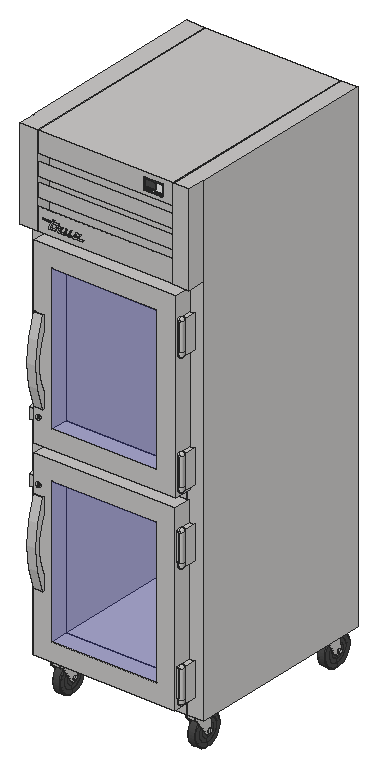
Revit family "QF_TRUE_STG1H-2HG", category Specialty Equipment, Revit 2012
Parameters
  Weight in Pounds = 0
  Watts = 1500 W
  Volts = 208 V
  URL Cutsheet = "www.truemfg.com"
  URL = "www.truemfg.com"
  Type Mark [instance] = ""
  Type Comments = ""
  Status [instance] = ""
  Specification by User [instance] = ""
  Specification by Manufacturer = ""
  Show Seismic Flanged [instance] = no
  Show Logo [instance] = yes
  Show Legs [instance] = no
  Show Clearance [instance] = yes
  Serial Number = ""
  Seismic Rating = ""
  Seismic Plate [instance] = and(Show Seismic Flanged, not(Show Casters))  # no
  SMACNA No = ""
  Revision Code [instance] = ""
  Phase = 1
  Omniclass Number and Title = ""
  Number of Poles [instance] = 1
  NAFEM Spec ID Number = ""
  Model = "STG1H-2HG"
  Min Ckt Ampacity = 0 A
  Max Overcurrent Protection = 0 A
  Masterspec = ""
  Manufacturer = "TRUE FOOD SERVICE EQUIPMENT, INC."
  Length = 27 1/2"
  Legs [instance] = or(Show Legs, Show Seismic Flanged)  # no
  Item Number [instance] = ""
  Installed By [instance] = ""
  Identify Quantity as Lot [instance] = yes
  Height = 77 3/4"
  HP = ""
  Furnished By [instance] = ""
  Foodservice Equipment Identifier [instance] = yes
  FL Amps = Watts / Volts  # 7.21154 A
  Electrical Remarks = "208-230/60/1"
  Electric Connection Type [instance] = ""
  Elec Conn RI Height [instance] = 0"
  Elec Conn Connection Height [instance] = 0"
  Description = "REACH-IN GLASS HALF SWING DOOR HEATED CABINETS WITH LED LIGHTING"
  Depth = 33 3/4"
  Cycle = 60 Hz
  Conn Plug = "6-15P"
  Conn Conduit = yes
  Show Casters [instance] = and(not(if(Show Legs, Show Legs, Show Legs)), not(if(Show Legs, Show Legs, Show Seismic Flanged)))  # yes
  CSI MasterFormat = ""
  CSI Master Format = ""
  Apparent Power = if(Phase = 3, Volts * FL Amps * 1.73, Volts * FL Amps)  # 1500 VA
Reference planes (in)
  plane 1 "BACK": y = 0
  plane 2: z = 0
  plane 3 "LEFT": x = 0
  plane 4 "RIGHT": x = 27.5
  plane 5 "FRONT": y = -33.75
  plane 6 "TOP": z = 84.125
  plane 7: z = 6.125
  plane 8: x = 2.84375
  plane 9: y = -33.7042
  plane 10: y = -56.78125
Forms (in)
  Extrusion 1, solid, material "QF_Finishes_Stainless Steel"
    sketch origin (0.05, 0, 0) x (1, 0, 0) y (0, 1, 0)
      loop
        line (-0.05, 0) -> (-0.05, -31) -> (2.87859, -31) -> (2.87859, 0) -> (-0.05, 0)
    from 6.125 to 84.125
  Extrusion 2, solid, material "QF_Finishes_Stainless Steel"
    sketch origin (50.15, 0, 0) x (1, 0, 0) y (0, 1, 0)
      loop
        line (-25.35, 0) -> (-25.35, -31) -> (-22.65, -31) -> (-22.65, 0) -> (-25.35, 0)
    from 6.125 to 84.125
  Extrusion 3, solid, material "QF_Finishes_Stainless Steel"
    sketch origin (0, 0, 0) x (0, 1, 0) y (0, 0, 1)
      loop
        line (-33.7042, 69.5) -> (-31, 69.5) -> (-31, 67) -> (-30, 67) -> (-30, 69.5) -> (-2, 69.5) -> (-2, 9.03125) -> (-31, 9.03125) -> (-31, 6.125) -> (0, 6.125) -> (0, 84.125) -> (-33.7042, 84.125) -> (-33.7042, 80.78078) -> (-31.5, 79.21352) -> (-31.5, 78.09125) -> (-33.7042, 79.65851) -> (-33.7042, 77.5248) -> (-31.5, 75.95754) -> (-31.5, 74.99678) -> (-33.7042, 76.56404) -> (-33.7042, 74.46784) -> (-31.5, 72.90057) -> (-31.5, 71.625) -> (-33.7042, 73.19226) -> (-33.7042, 69.5)
      loop
        line (-31, 39.0625) -> (-31, 36.5625) -> (-30, 36.5625) -> (-30, 39.0625) -> (-31, 39.0625)
    from 2.92859 to 24.8
  Extrusion 4, solid, material "QF_Finishes_Stainless Steel"
    sketch origin (0, 0, 0) x (1, 0, 0) y (0, 1, 0)
      loop
        line (27.34782, -31) -> (24.8, -31) -> (24.8, -33.75) -> (27.34782, -33.75) -> (27.34782, -31)
    from 69.5 to 84.125
  Extrusion 5, solid, material "QF_Finishes_Stainless Steel"
    sketch origin (-50.125, 0, 0.25) x (1, 0, 0) y (0, 1, 0)
      loop
        line (53.05359, -31) -> (50.24109, -31) -> (50.24109, -33.75) -> (53.05359, -33.75) -> (53.05359, -31)
    from 69.25 to 83.875
  Extrusion 6, solid, material "QF_Finishes_Stainless Steel"
    sketch origin (-24.96875, 0, -0.71875) x (1, 0, 0) y (0, 0, 1)
      loop
        line (27.25, 8.75) -> (50.09375, 8.75) -> (50.09375, 37.96875) -> (27.25, 37.96875) -> (27.25, 8.75)
      loop
        line (27.25, 68.6875) -> (27.25, 39.46875) -> (50.1875, 39.46875) -> (50.1875, 68.6875) -> (27.25, 68.6875)
      loop
        line (30.25, 65.6875) -> (30.25, 42.46875) -> (47.1875, 42.46875) -> (47.1875, 65.6875) -> (30.25, 65.6875)
      loop
        line (47.09375, 11.75) -> (47.09375, 34.96875) -> (30.25, 34.96875) -> (30.25, 11.75) -> (47.09375, 11.75)
    from 31 to 33.75
  Extrusion 7, solid, material "QF_Finishes_Stainless Steel"
    sketch origin (-8.40259, -0.25, 98.07708) x (0, 1, 0) y (0, 0, 1)
      loop
        line (-33.5, -53.875) -> (-33.5, -51.475)
        arc (-33.5, -51.475) -> (-34.65816, -47.075) -> (-33.5, -42.675) r 8.93715
        line (-33.5, -42.675) -> (-33.5, -40.275) -> (-33.7, -40.275)
        arc (-33.7, -40.275) -> (-35.14405, -47.075) -> (-33.7, -53.875) r 16.7325
        line (-33.7, -53.875) -> (-33.5, -53.875)
    from 10.87731 to 12.37731
  Extrusion 8, solid, material "QF_Finishes_Stainless Steel"
    sketch origin (-23.375, 0, 2.625) x (1, 0, 0) y (0, 0, 1)
      loop
        circle (26.4375, 40.0625) r 0.35
      loop
        line (26.47265, 40.33635) -> (26.41715, 40.33635) -> (26.41715, 39.76895) -> (26.47265, 39.76895) -> (26.47265, 40.33635)
    from 33.5 to 33.83066
  Extrusion 9, solid, material "QF_Finishes_Stainless Steel", visible <- "Show Logo"
    sketch origin (0.33478, 1.08173, -6.73143) x (1, 0, 0) y (0, 0, 1)
      loop
        line (3.46044, 78.46231) -> (3.35478, 78.23573) -> (4.76027, 78.23573)
        arc (4.76027, 78.23573) -> (4.78879, 78.18528) -> (4.76027, 78.13484) r 0.05887
        line (4.76027, 78.13484) -> (4.39369, 77.34872)
        arc (4.39369, 77.34872) -> (4.39051, 77.27591) -> (4.43975, 77.22217) r 0.09523
        line (4.43975, 77.22217) -> (5.33844, 77.22217)
        arc (5.33844, 77.22217) -> (5.45192, 77.25795) -> (5.52436, 77.35235) r 0.19785
        line (5.52436, 77.35235) -> (5.81285, 77.97101) -> (6.0779, 77.97101)
        arc (6.0779, 77.97101) -> (6.14744, 77.94543) -> (6.13737, 77.87203) r 0.05911
        line (6.13737, 77.87203) -> (5.89598, 77.35437)
        arc (5.89598, 77.35437) -> (5.89974, 77.2684) -> (5.97231, 77.22217) r 0.09318
        line (5.97231, 77.22217) -> (6.76198, 77.22217)
        arc (6.76198, 77.22217) -> (6.82249, 77.24419) -> (6.85468, 77.29995) r 0.09412
        arc (6.85468, 77.29995) -> (6.87746, 77.24495) -> (6.93246, 77.22217) r 0.07778
        line (6.93246, 77.22217) -> (7.43246, 77.22217)
        arc (7.43246, 77.22217) -> (7.49022, 77.23765) -> (7.53251, 77.27993) r 0.11552
        arc (7.53251, 77.27993) -> (7.55275, 77.23106) -> (7.60162, 77.21081) r 0.06912
        line (7.60162, 77.21081) -> (8.31225, 77.21081)
        arc (8.31225, 77.21081) -> (8.37034, 77.23488) -> (8.39441, 77.29297) r 0.08216
        arc (8.39441, 77.29297) -> (8.44767, 77.23972) -> (8.52042, 77.22022) r 0.14551
        line (8.52042, 77.22022) -> (9.85158, 77.22022) -> (9.99946, 77.47634) -> (8.65678, 77.47634)
        arc (8.65678, 77.47634) -> (8.61972, 77.50204) -> (8.61834, 77.54711) r 0.05009
        line (8.61834, 77.54711) -> (8.64157, 77.59692)
        arc (8.64157, 77.59692) -> (8.67723, 77.64364) -> (8.73327, 77.66135) r 0.09747
        line (8.73327, 77.66135) -> (9.16485, 77.66135)
        arc (9.16485, 77.66135) -> (9.258, 77.68631) -> (9.32619, 77.7545) r 0.1863
        line (9.32619, 77.7545) -> (9.45119, 77.97101)
        arc (9.45119, 77.97101) -> (9.45119, 78.08657) -> (9.35111, 78.14434) r 0.11556
        line (9.35111, 78.14434) -> (8.89562, 78.14434)
        arc (8.89562, 78.14434) -> (8.7795, 78.12462) -> (8.69849, 78.03912) r 0.18605
        line (8.69849, 78.03912) -> (8.48204, 77.57493)
        arc (8.48204, 77.57493) -> (8.41815, 77.49167) -> (8.31806, 77.46011) r 0.1745
        line (8.31806, 77.46011) -> (7.84559, 77.46011)
        arc (7.84559, 77.46011) -> (7.78903, 77.52184) -> (7.79268, 77.60548) r 0.10939
        line (7.79268, 77.60548) -> (8.04395, 78.14434) -> (7.88403, 78.14434) -> (7.61781, 77.57344)
        arc (7.61781, 77.57344) -> (7.56609, 77.50603) -> (7.48505, 77.48048) r 0.14128
        line (7.48505, 77.48048) -> (7.15925, 77.48048)
        arc (7.15925, 77.48048) -> (7.10419, 77.55223) -> (7.116, 77.64189) r 0.11816
        line (7.116, 77.64189) -> (7.3503, 78.14434) -> (7.18514, 78.14434) -> (6.91546, 77.566)
        arc (6.91546, 77.566) -> (6.85285, 77.50339) -> (6.76733, 77.48048) r 0.17104
        line (6.76733, 77.48048) -> (6.29555, 77.48048)
        arc (6.29555, 77.48048) -> (6.21082, 77.51999) -> (6.20267, 77.61313) r 0.0935
        line (6.20267, 77.61313) -> (6.35774, 77.94569) -> (6.57695, 77.94569)
        arc (6.57695, 77.94569) -> (6.61395, 78.05717) -> (6.69267, 78.14434) r 0.2857
        line (6.69267, 78.14434) -> (5.83605, 78.14434)
        arc (5.83605, 78.14434) -> (5.74086, 78.12324) -> (5.67498, 78.05135) r 0.16212
        line (5.67498, 78.05135) -> (5.44279, 77.55341)
        arc (5.44279, 77.55341) -> (5.3894, 77.50002) -> (5.31647, 77.48048) r 0.14586
        line (5.31647, 77.48048) -> (4.80506, 77.48048)
        arc (4.80506, 77.48048) -> (4.76514, 77.53442) -> (4.77274, 77.60109) r 0.09155
        line (4.77274, 77.60109) -> (5.11018, 78.23573) -> (5.96155, 78.23573) -> (6.06721, 78.46231) -> (5.21584, 78.46231) -> (5.32149, 78.68888) -> (5.01862, 78.68888) -> (4.91297, 78.46231) -> (3.46044, 78.46231)
      loop
        arc (8.83805, 77.93863) -> (8.80119, 77.92875) -> (8.7742, 77.90176) r 0.07373
        line (8.7742, 77.90176) -> (8.75229, 77.83436)
        arc (8.75229, 77.83436) -> (8.76245, 77.80983) -> (8.78699, 77.79966) r 0.0347
        line (8.78699, 77.79966) -> (9.15948, 77.79966)
        arc (9.15948, 77.79966) -> (9.18632, 77.80561) -> (9.20812, 77.82234) r 0.0635
        line (9.20812, 77.82234) -> (9.22624, 77.90622)
        arc (9.22624, 77.90622) -> (9.22091, 77.92868) -> (9.20009, 77.93863) r 0.02676
        line (9.20009, 77.93863) -> (8.83805, 77.93863)
    from 34.76797 to 34.83173
  Extrusion 10, solid, material "QF_Finishes_White"
    sketch origin (-23.16691, 1.06376, 1.58022) x (1, 0, 0) y (0, 0, 1)
      loop
        line (43.31732, 81.73227) -> (43.31732, 79.98496) -> (46.22357, 79.98496) -> (46.22357, 81.73227) -> (43.31732, 81.73227)
    from 34.75 to 34.76797
  Extrusion 11, solid, material "QF_Finishes_Black"
    sketch origin (-23.16691, 1.06376, 1.58022) x (1, 0, 0) y (0, 0, 1)
      loop
        line (46.28607, 81.79477) -> (43.25482, 81.79477) -> (43.25482, 79.92246) -> (46.28607, 79.92246) -> (46.28607, 81.79477)
      loop
        spline (43.45482, 80.25372) -> (43.46333, 80.23754) -> (43.48831, 80.22247) -> (43.52804, 80.20952) -> (43.57982, 80.19959) -> (43.64011, 80.19335) -> (43.70482, 80.19122) -> (43.76952, 80.19335) -> (43.82982, 80.19959) -> (43.88159, 80.20952) -> (43.92132, 80.22247) -> (43.9463, 80.23754) -> (43.95482, 80.25372)
        spline (43.95482, 80.25372) -> (43.9463, 80.26989) -> (43.92132, 80.28497) -> (43.88159, 80.29791) -> (43.82982, 80.30784) -> (43.76952, 80.31409) -> (43.70482, 80.31622) -> (43.64011, 80.31409) -> (43.57982, 80.30784) -> (43.52804, 80.29791) -> (43.48831, 80.28497) -> (43.46333, 80.26989) -> (43.45482, 80.25372)
      loop
        spline (44.15083, 80.25372) -> (44.15935, 80.23754) -> (44.18432, 80.22247) -> (44.22405, 80.20952) -> (44.27583, 80.19959) -> (44.33612, 80.19335) -> (44.40083, 80.19122) -> (44.46553, 80.19335) -> (44.52583, 80.19959) -> (44.57761, 80.20952) -> (44.61734, 80.22247) -> (44.64231, 80.23754) -> (44.65083, 80.25372)
        spline (44.65083, 80.25372) -> (44.64231, 80.26989) -> (44.61734, 80.28497) -> (44.57761, 80.29791) -> (44.52583, 80.30784) -> (44.46553, 80.31409) -> (44.40083, 80.31622) -> (44.33612, 80.31409) -> (44.27583, 80.30784) -> (44.22405, 80.29791) -> (44.18432, 80.28497) -> (44.15935, 80.26989) -> (44.15083, 80.25372)
      loop
        spline (44.90083, 80.25372) -> (44.90935, 80.23754) -> (44.93432, 80.22247) -> (44.97405, 80.20952) -> (45.02583, 80.19959) -> (45.08612, 80.19335) -> (45.15083, 80.19122) -> (45.21553, 80.19335) -> (45.27583, 80.19959) -> (45.32761, 80.20952) -> (45.36734, 80.22247) -> (45.39231, 80.23754) -> (45.40083, 80.25372)
        spline (45.40083, 80.25372) -> (45.39231, 80.26989) -> (45.36734, 80.28497) -> (45.32761, 80.29791) -> (45.27583, 80.30784) -> (45.21553, 80.31409) -> (45.15083, 80.31622) -> (45.08612, 80.31409) -> (45.02583, 80.30784) -> (44.97405, 80.29791) -> (44.93432, 80.28497) -> (44.90935, 80.26989) -> (44.90083, 80.25372)
      loop
        line (43.45481, 81.59478) -> (43.45481, 80.59478) -> (45.15433, 80.59478) -> (45.15433, 81.59478) -> (43.45481, 81.59478)
      loop
        line (46.22357, 81.73227) -> (43.31732, 81.73227) -> (43.31732, 79.98496) -> (46.22357, 79.98496) -> (46.22357, 81.73227)
      loop
        spline (45.65083, 80.25372) -> (45.65935, 80.23754) -> (45.68432, 80.22247) -> (45.72405, 80.20952) -> (45.77583, 80.19959) -> (45.83612, 80.19335) -> (45.90083, 80.19122) -> (45.96553, 80.19335) -> (46.02583, 80.19959) -> (46.07761, 80.20952) -> (46.11734, 80.22247) -> (46.14231, 80.23754) -> (46.15083, 80.25372)
        spline (46.15083, 80.25372) -> (46.14231, 80.26989) -> (46.11734, 80.28497) -> (46.07761, 80.29791) -> (46.02583, 80.30784) -> (45.96553, 80.31409) -> (45.90083, 80.31622) -> (45.83612, 80.31409) -> (45.77583, 80.30784) -> (45.72405, 80.29791) -> (45.68432, 80.28497) -> (45.65935, 80.26989) -> (45.65083, 80.25372)
    from 34.76797 to 34.80335
  Extrusion 12, solid, material "QF_Finishes_Stainless Steel"
    sketch origin (-25.125, 0, 0) x (1, 0, 0) y (0, 0, 1)
      loop
        circle (49.375, 82) r 0.25
    from 0 to 0.0625
  Blend 13, solid, material "QF_Finishes_Stainless Steel"
    base sketch origin (27.53125, 0, 4.5) x (-1, 0, 0) y (0, 0, -1)
      loop
        line (25.25, -38.99169) -> (26, -38.99169) -> (26, -37.24169) -> (25.25, -37.24169) -> (25.25, -38.99169)
    top sketch origin (27.53125, 0, 4.5) x (-1, 0, 0) y (0, 0, -1)
      loop
        line (26.18223, -36.6441) -> (25.25, -36.6441) -> (25.25, -39.42643) -> (26.18223, -39.42643) -> (26.18223, -36.6441)
    from 33.57883 to 31
  Extrusion 14, solid, material "QF_Finishes_Stainless Steel"
    sketch origin (26.1875, 0, 0) x (0, 1, 0) y (0, 0, -1)
      loop
        line (-31, -64.55229) -> (-31, -59.23627) -> (-33.25, -59.23627) -> (-33.25, -59.94848) -> (-32.81497, -59.94848) -> (-32.81497, -64.34776)
        arc (-32.81497, -64.34776) -> (-32.75506, -64.49238) -> (-32.61044, -64.55229) r 0.20453
        line (-32.61044, -64.55229) -> (-31, -64.55229)
    from 0.17506 to 1
  Revolve 15, solid, material "QF_Finishes_Stainless Steel"
    sketch origin (25.6875, 0, 0) x (0, 1, 0) y (0, 0, -1)
      loop
        line (-33.26563, -60.00189) -> (-33.67229, -60.00189) -> (-33.67229, -64.4736)
        arc (-33.67229, -64.4736) -> (-33.53722, -64.72557) -> (-33.26563, -64.81483) r 0.3848
        line (-33.26563, -64.81483) -> (-33.26563, -60.00189)
      loop
        line (-33.26563, -59.94848) -> (-33.26563, -59.04781)
        arc (-33.26563, -59.04781) -> (-33.53264, -59.13383) -> (-33.67229, -59.37712) r 0.38884
        line (-33.67229, -59.37712) -> (-33.67229, -59.94848) -> (-33.26563, -59.94848)
      axis (-33.26563, -59.04781) -> (-33.26563, -64.81483)
    angle from 0 to 360
  Extrusion 16, solid, material "QF_Finishes_Stainless Steel"
    sketch origin (27.5, 0, 0) x (-1, 0, 0) y (0, 0, -1)
      loop
        line (1.91491, -64.4736) -> (2.3125, -64.4736) -> (2.3125, -60.00079) -> (1.91491, -60.00079) -> (1.91491, -64.4736)
    from 32.81497 to 33.59495
  Extrusion 17, solid, material "QF_Finishes_Stainless Steel"
    sketch origin (26.1875, 0, -19.5) x (0, 1, 0) y (0, 0, -1)
      loop
        line (-31, -64.55229) -> (-31, -59.23627) -> (-33.25, -59.23627) -> (-33.25, -59.94848) -> (-32.81497, -59.94848) -> (-32.81497, -64.34776)
        arc (-32.81497, -64.34776) -> (-32.75506, -64.49238) -> (-32.61044, -64.55229) r 0.20453
        line (-32.61044, -64.55229) -> (-31, -64.55229)
    from 0.17506 to 1
  Revolve 18, solid, material "QF_Finishes_Stainless Steel"
    sketch origin (25.6875, 0, -19.5) x (0, 1, 0) y (0, 0, -1)
      loop
        line (-33.26563, -60.00189) -> (-33.67229, -60.00189) -> (-33.67229, -64.4736)
        arc (-33.67229, -64.4736) -> (-33.53722, -64.72557) -> (-33.26563, -64.81483) r 0.3848
        line (-33.26563, -64.81483) -> (-33.26563, -60.00189)
      loop
        line (-33.26563, -59.94848) -> (-33.26563, -59.04781)
        arc (-33.26563, -59.04781) -> (-33.53264, -59.13383) -> (-33.67229, -59.37712) r 0.38884
        line (-33.67229, -59.37712) -> (-33.67229, -59.94848) -> (-33.26563, -59.94848)
      axis (-33.26563, -59.04781) -> (-33.26563, -64.81483)
    angle from 0 to 360
  Extrusion 19, solid, material "QF_Finishes_Stainless Steel"
    sketch origin (27.5, 0, -19.5) x (-1, 0, 0) y (0, 0, -1)
      loop
        line (1.91491, -64.4736) -> (2.3125, -64.4736) -> (2.3125, -60.00079) -> (1.91491, -60.00079) -> (1.91491, -64.4736)
    from 32.81497 to 33.59495
  Extrusion 20, solid, material "QF_Finishes_Stainless Steel"
    sketch origin (26.1875, 0, -30.5) x (0, 1, 0) y (0, 0, -1)
      loop
        line (-31, -64.55229) -> (-31, -59.23627) -> (-33.25, -59.23627) -> (-33.25, -59.94848) -> (-32.81497, -59.94848) -> (-32.81497, -64.34776)
        arc (-32.81497, -64.34776) -> (-32.75506, -64.49238) -> (-32.61044, -64.55229) r 0.20453
        line (-32.61044, -64.55229) -> (-31, -64.55229)
    from 0.17506 to 1
  Revolve 21, solid, material "QF_Finishes_Stainless Steel"
    sketch origin (25.6875, 0, -30.5) x (0, 1, 0) y (0, 0, -1)
      loop
        line (-33.26563, -60.00189) -> (-33.67229, -60.00189) -> (-33.67229, -64.4736)
        arc (-33.67229, -64.4736) -> (-33.53722, -64.72557) -> (-33.26563, -64.81483) r 0.3848
        line (-33.26563, -64.81483) -> (-33.26563, -60.00189)
      loop
        line (-33.26563, -59.94848) -> (-33.26563, -59.04781)
        arc (-33.26563, -59.04781) -> (-33.53264, -59.13383) -> (-33.67229, -59.37712) r 0.38884
        line (-33.67229, -59.37712) -> (-33.67229, -59.94848) -> (-33.26563, -59.94848)
      axis (-33.26563, -59.04781) -> (-33.26563, -64.81483)
    angle from 0 to 360
  Extrusion 22, solid, material "QF_Finishes_Stainless Steel"
    sketch origin (27.5, 0, -30.5) x (-1, 0, 0) y (0, 0, -1)
      loop
        line (1.91491, -64.4736) -> (2.3125, -64.4736) -> (2.3125, -60.00079) -> (1.91491, -60.00079) -> (1.91491, -64.4736)
    from 32.81497 to 33.59495
  Extrusion 23, solid, material "QF_Finishes_Stainless Steel"
    sketch origin (26.1875, 0, -50.25) x (0, 1, 0) y (0, 0, -1)
      loop
        line (-31, -64.55229) -> (-31, -59.23627) -> (-33.25, -59.23627) -> (-33.25, -59.94848) -> (-32.81497, -59.94848) -> (-32.81497, -64.34776)
        arc (-32.81497, -64.34776) -> (-32.75506, -64.49238) -> (-32.61044, -64.55229) r 0.20453
        line (-32.61044, -64.55229) -> (-31, -64.55229)
    from 0.17506 to 1
  Revolve 24, solid, material "QF_Finishes_Stainless Steel"
    sketch origin (25.6875, 0, -50.25) x (0, 1, 0) y (0, 0, -1)
      loop
        line (-33.26563, -60.00189) -> (-33.67229, -60.00189) -> (-33.67229, -64.4736)
        arc (-33.67229, -64.4736) -> (-33.53722, -64.72557) -> (-33.26563, -64.81483) r 0.3848
        line (-33.26563, -64.81483) -> (-33.26563, -60.00189)
      loop
        line (-33.26563, -59.94848) -> (-33.26563, -59.04781)
        arc (-33.26563, -59.04781) -> (-33.53264, -59.13383) -> (-33.67229, -59.37712) r 0.38884
        line (-33.67229, -59.37712) -> (-33.67229, -59.94848) -> (-33.26563, -59.94848)
      axis (-33.26563, -59.04781) -> (-33.26563, -64.81483)
    angle from 0 to 360
  Extrusion 25, solid, material "QF_Finishes_Stainless Steel"
    sketch origin (27.5, 0, -50.25) x (-1, 0, 0) y (0, 0, -1)
      loop
        line (1.91491, -64.4736) -> (2.3125, -64.4736) -> (2.3125, -60.00079) -> (1.91491, -60.00079) -> (1.91491, -64.4736)
    from 32.81497 to 33.59495
  Revolve 26, solid, material "QF_Finishes_Black", visible <- "Show Casters"
    sketch origin (22.65625, -27.375, 0) x (1, 0, 0) y (0, 0, 1)
      loop
        line (1.475, 5) -> (1.375, 4.9) -> (1.375, 4.29941) -> (1.53601, 4.29941) -> (1.53601, 3.54941) -> (1.375, 3.54941) -> (1.375, 2.79941) -> (0.975, 2.79941) -> (0.975, 2.5) -> (3.025, 2.5) -> (3.025, 2.79941) -> (2.62908, 2.79941) -> (2.62908, 3.54941) -> (2.46399, 3.54941) -> (2.46399, 4.29941) -> (2.62908, 4.29941) -> (2.62908, 4.89592) -> (2.525, 5) -> (1.475, 5)
      axis (3.025, 2.5) -> (0.975, 2.5)
    angle from 0 to 360
  Extrusion 27, solid, material "QF_Finishes_Stainless Steel", visible <- "Show Casters"
    sketch origin (22.5625, 0, 0) x (0, 1, 0) y (0, 0, 1)
      loop
        line (-29.95136, 5.48574) -> (-29.95136, 4.88089) -> (-29.70136, 4.88089) -> (-27.95216, 2.18736)
        arc (-27.95216, 2.18736) -> (-27.23883, 1.94868) -> (-26.84581, 2.59003) r 0.60416
        line (-26.84581, 2.59003) -> (-27.20136, 5.48574) -> (-29.95136, 5.48574)
      loop
        line (-3.8577, 5.48574) -> (-3.8577, 4.88089) -> (-3.6077, 4.88089) -> (-1.8585, 2.18736)
        arc (-1.8585, 2.18736) -> (-1.14517, 1.94868) -> (-0.75215, 2.59003) r 0.60416
        line (-0.75215, 2.59003) -> (-1.1077, 5.48574) -> (-3.8577, 5.48574)
    from 1.175 to 1.325
  Extrusion 28, solid, material "QF_Finishes_Stainless Steel", visible <- "Show Casters"
    sketch origin (24.0625, 0, 0) x (0, 1, 0) y (0, 0, 1)
      loop
        line (-29.95136, 5.48574) -> (-29.95136, 4.88089) -> (-29.70136, 4.88089) -> (-27.95216, 2.18736)
        arc (-27.95216, 2.18736) -> (-27.23883, 1.94868) -> (-26.84581, 2.59003) r 0.60416
        line (-26.84581, 2.59003) -> (-27.20136, 5.48574) -> (-29.95136, 5.48574)
      loop
        line (-3.8577, 5.48574) -> (-3.8577, 4.88089) -> (-3.6077, 4.88089) -> (-1.8585, 2.18736)
        arc (-1.8585, 2.18736) -> (-1.14517, 1.94868) -> (-0.75215, 2.59003) r 0.60416
        line (-0.75215, 2.59003) -> (-1.1077, 5.48574) -> (-3.8577, 5.48574)
    from 1.175 to 1.325
  Revolve 29, solid, material "QF_Finishes_Stainless Steel", visible <- "Show Casters"
    sketch origin (22.65625, -28.5625, -0.5) x (1, 0, 0) y (0, 0, 1)
      loop
        line (2, 5.99546) -> (2, 6.62359) -> (0.70293, 6.62359) -> (0.70293, 5.99546) -> (2, 5.99546)
      axis (2, 5.99546) -> (2, 6.62359)
    angle from 0 to 360
  Revolve 30, solid, material "QF_Finishes_Stainless Steel", visible <- "Legs"
    sketch origin (22.65625, -2.69102, 0) x (1, 0, 0) y (0, 0, 1)
      loop
        line (2, 6.125) -> (0.66662, 6.125) -> (1.25, 1) -> (1.5, 1) -> (1.5, 0) -> (2, 0) -> (2, 6.125)
      axis (2, 0) -> (2, 6.125)
    angle from 0 to 360
  Revolve 31, solid, material "QF_Finishes_Stainless Steel", visible <- "Legs"
    sketch origin (22.65625, -28.65977, 0) x (1, 0, 0) y (0, 0, 1)
      loop
        line (2, 6.125) -> (0.66662, 6.125) -> (1.25, 1) -> (1.5, 1) -> (1.5, 0) -> (2, 0) -> (2, 6.125)
      axis (2, 0) -> (2, 6.125)
    angle from 0 to 360
  Revolve 32, solid, material "QF_Finishes_Stainless Steel", visible <- "Show Casters"
    sketch origin (22.65625, -2.70321, -0.5) x (1, 0, 0) y (0, 0, 1)
      loop
        line (2, 5.99546) -> (2, 6.62359) -> (0.70293, 6.62359) -> (0.70293, 5.99546) -> (2, 5.99546)
      axis (2, 5.99546) -> (2, 6.62359)
    angle from 0 to 360
  Extrusion 33, solid, material "QF_Finishes_Stainless Steel", visible <- "Show Casters"
    sketch origin (-25.21875, 0, 0) x (0, 1, 0) y (0, 0, 1)
      loop
        line (-29.95136, 5.48574) -> (-29.95136, 4.88089) -> (-29.70136, 4.88089) -> (-27.16533, 5.19227) -> (-27.20136, 5.48574) -> (-29.95136, 5.48574)
      loop
        line (-3.8577, 5.48574) -> (-3.8577, 4.88089) -> (-3.6077, 4.88089) -> (-1.07167, 5.19227) -> (-1.1077, 5.48574) -> (-3.8577, 5.48574)
    from 49.10625 to 50.45625
  Revolve 34, solid, material "QF_Finishes_Black", visible <- "Show Casters"
    sketch origin (22.65625, -1.21875, 0) x (1, 0, 0) y (0, 0, 1)
      loop
        line (1.475, 5) -> (1.375, 4.9) -> (1.375, 4.29941) -> (1.53601, 4.29941) -> (1.53601, 3.54941) -> (1.375, 3.54941) -> (1.375, 2.79941) -> (0.975, 2.79941) -> (0.975, 2.5) -> (3.025, 2.5) -> (3.025, 2.79941) -> (2.62908, 2.79941) -> (2.62908, 3.54941) -> (2.46399, 3.54941) -> (2.46399, 4.29941) -> (2.62908, 4.29941) -> (2.62908, 4.89592) -> (2.525, 5) -> (1.475, 5)
      axis (3.025, 2.5) -> (0.975, 2.5)
    angle from 0 to 360
  Revolve 35, solid, material "QF_Finishes_Black", visible <- "Show Casters"
    sketch origin (0.84375, -27.375, 0) x (1, 0, 0) y (0, 0, 1)
      loop
        line (1.475, 5) -> (1.375, 4.9) -> (1.375, 4.29941) -> (1.53601, 4.29941) -> (1.53601, 3.54941) -> (1.375, 3.54941) -> (1.375, 2.79941) -> (0.975, 2.79941) -> (0.975, 2.5) -> (3.025, 2.5) -> (3.025, 2.79941) -> (2.62908, 2.79941) -> (2.62908, 3.54941) -> (2.46399, 3.54941) -> (2.46399, 4.29941) -> (2.62908, 4.29941) -> (2.62908, 4.89592) -> (2.525, 5) -> (1.475, 5)
      axis (3.025, 2.5) -> (0.975, 2.5)
    angle from 0 to 360
  Extrusion 36, solid, material "QF_Finishes_Stainless Steel", visible <- "Show Casters"
    sketch origin (0.84375, 0, 0) x (0, 1, 0) y (0, 0, 1)
      loop
        line (-29.95136, 5.48574) -> (-29.95136, 4.88089) -> (-29.70136, 4.88089) -> (-27.95216, 2.18736)
        arc (-27.95216, 2.18736) -> (-27.23883, 1.94868) -> (-26.84581, 2.59003) r 0.60416
        line (-26.84581, 2.59003) -> (-27.20136, 5.48574) -> (-29.95136, 5.48574)
      loop
        line (-3.8577, 5.48574) -> (-3.8577, 4.88089) -> (-3.6077, 4.88089) -> (-1.8585, 2.18736)
        arc (-1.8585, 2.18736) -> (-1.14517, 1.94868) -> (-0.75215, 2.59003) r 0.60416
        line (-0.75215, 2.59003) -> (-1.1077, 5.48574) -> (-3.8577, 5.48574)
    from 1.175 to 1.325
  Extrusion 37, solid, material "QF_Finishes_Stainless Steel", visible <- "Show Casters"
    sketch origin (2.34375, 0, 0) x (0, 1, 0) y (0, 0, 1)
      loop
        line (-29.95136, 5.48574) -> (-29.95136, 4.88089) -> (-29.70136, 4.88089) -> (-27.95216, 2.18736)
        arc (-27.95216, 2.18736) -> (-27.23883, 1.94868) -> (-26.84581, 2.59003) r 0.60416
        line (-26.84581, 2.59003) -> (-27.20136, 5.48574) -> (-29.95136, 5.48574)
      loop
        line (-3.8577, 5.48574) -> (-3.8577, 4.88089) -> (-3.6077, 4.88089) -> (-1.8585, 2.18736)
        arc (-1.8585, 2.18736) -> (-1.14517, 1.94868) -> (-0.75215, 2.59003) r 0.60416
        line (-0.75215, 2.59003) -> (-1.1077, 5.48574) -> (-3.8577, 5.48574)
    from 1.175 to 1.325
  Revolve 38, solid, material "QF_Finishes_Stainless Steel", visible <- "Show Casters"
    sketch origin (0.84375, -28.5625, -0.5) x (1, 0, 0) y (0, 0, 1)
      loop
        line (2, 5.99546) -> (2, 6.62359) -> (0.70293, 6.62359) -> (0.70293, 5.99546) -> (2, 5.99546)
      axis (2, 5.99546) -> (2, 6.62359)
    angle from 0 to 360
  Revolve 39, solid, material "QF_Finishes_Stainless Steel", visible <- "Legs"
    sketch origin (0.84375, -2.69102, 0) x (1, 0, 0) y (0, 0, 1)
      loop
        line (2, 6.125) -> (0.66662, 6.125) -> (1.25, 1) -> (1.5, 1) -> (1.5, 0) -> (2, 0) -> (2, 6.125)
      axis (2, 0) -> (2, 6.125)
    angle from 0 to 360
  Revolve 40, solid, material "QF_Finishes_Stainless Steel", visible <- "Legs"
    sketch origin (0.84375, -28.65977, 0) x (1, 0, 0) y (0, 0, 1)
      loop
        line (2, 6.125) -> (0.66662, 6.125) -> (1.25, 1) -> (1.5, 1) -> (1.5, 0) -> (2, 0) -> (2, 6.125)
      axis (2, 0) -> (2, 6.125)
    angle from 0 to 360
  Revolve 41, solid, material "QF_Finishes_Stainless Steel", visible <- "Show Casters"
    sketch origin (0.84375, -2.70321, -0.5) x (1, 0, 0) y (0, 0, 1)
      loop
        line (2, 5.99546) -> (2, 6.62359) -> (0.70293, 6.62359) -> (0.70293, 5.99546) -> (2, 5.99546)
      axis (2, 5.99546) -> (2, 6.62359)
    angle from 0 to 360
  Extrusion 42, solid, material "QF_Finishes_Stainless Steel", visible <- "Show Casters"
    sketch origin (-46.9375, 0, 0) x (0, 1, 0) y (0, 0, 1)
      loop
        line (-29.95136, 5.48574) -> (-29.95136, 4.88089) -> (-29.70136, 4.88089) -> (-27.16533, 5.19227) -> (-27.20136, 5.48574) -> (-29.95136, 5.48574)
      loop
        line (-3.8577, 5.48574) -> (-3.8577, 4.88089) -> (-3.6077, 4.88089) -> (-1.07167, 5.19227) -> (-1.1077, 5.48574) -> (-3.8577, 5.48574)
    from 49.10625 to 50.45625
  Revolve 43, solid, material "QF_Finishes_Black", visible <- "Show Casters"
    sketch origin (0.84375, -1.21875, 0) x (1, 0, 0) y (0, 0, 1)
      loop
        line (1.475, 5) -> (1.375, 4.9) -> (1.375, 4.29941) -> (1.53601, 4.29941) -> (1.53601, 3.54941) -> (1.375, 3.54941) -> (1.375, 2.79941) -> (0.975, 2.79941) -> (0.975, 2.5) -> (3.025, 2.5) -> (3.025, 2.79941) -> (2.62908, 2.79941) -> (2.62908, 3.54941) -> (2.46399, 3.54941) -> (2.46399, 4.29941) -> (2.62908, 4.29941) -> (2.62908, 4.89592) -> (2.525, 5) -> (1.475, 5)
      axis (3.025, 2.5) -> (0.975, 2.5)
    angle from 0 to 360
  Extrusion 44, solid, material "QF_Door-Drawer Clearances", visible <- "Show Clearance", detail levels coarse
    sketch origin (26.42841, -3.6723, 0) x (1, 0, 0) y (0, 1, 0)
      loop
        line (-1.17841, -30.1402) -> (-24.14716, -30.1402)
        arc (-24.14716, -30.1402) -> (-17.41977, -46.38156) -> (-1.17841, -53.10895) r 22.96875
        line (-1.17841, -53.10895) -> (-1.17841, -30.1402)
    from 38.75 to 67.96875
  Extrusion 45, solid, material "Glass"
    sketch origin (-24.96875, 0, -0.71875) x (1, 0, 0) y (0, 0, 1)
      loop
        line (30.25, 34.96875) -> (30.25, 11.75) -> (47.1875, 11.75) -> (47.1875, 34.96875) -> (30.25, 34.96875)
      loop
        line (30.25, 65.6875) -> (30.25, 42.46875) -> (47.1875, 42.46875) -> (47.1875, 65.6875) -> (30.25, 65.6875)
    from 31 to 33.75
  Extrusion 46, solid, material "QF_Finishes_Stainless Steel", visible <- "Seismic Plate"
    sketch origin (-0.22541, -26.96562, 0) x (1, 0, 0) y (0, 1, 0)
      loop
        circle (3.06916, -1.69416) r 1.5
    from 0 to 0.25
  Extrusion 47, solid, material "QF_Finishes_Stainless Steel", visible <- "Seismic Plate"
    sketch origin (-0.22541, -0.99687, 0) x (1, 0, 0) y (0, 1, 0)
      loop
        circle (3.06916, -1.69416) r 1.5
    from 0 to 0.25
  Extrusion 48, solid, material "QF_Finishes_Stainless Steel", visible <- "Seismic Plate"
    sketch origin (21.49334, -0.99687, 0) x (1, 0, 0) y (0, 1, 0)
      loop
        circle (3.16291, -1.69416) r 1.5
    from 0 to 0.25
  Extrusion 49, solid, material "QF_Finishes_Stainless Steel", visible <- "Seismic Plate"
    sketch origin (21.49334, -26.96562, 0) x (1, 0, 0) y (0, 1, 0)
      loop
        circle (3.16291, -1.69416) r 1.5
    from 0 to 0.25
  Extrusion 50, solid, material "QF_Door-Drawer Clearances", visible <- "Show Clearance", detail levels coarse
    sketch origin (26.42841, -3.6723, -30.71875) x (1, 0, 0) y (0, 1, 0)
      loop
        line (-1.17841, -30.1402) -> (-24.14716, -30.1402)
        arc (-24.14716, -30.1402) -> (-17.41977, -46.38156) -> (-1.17841, -53.10895) r 22.96875
        line (-1.17841, -53.10895) -> (-1.17841, -30.1402)
    from 38.75 to 67.96875
  Extrusion 51, solid, material "QF_Finishes_Stainless Steel"
    sketch origin (-8.40259, -0.25, -22.45208) x (0, 1, 0) y (0, 0, 1)
      loop
        line (-33.5, 53.875) -> (-33.7, 53.875)
        arc (-33.7, 53.875) -> (-35.14405, 47.075) -> (-33.7, 40.275) r 16.7325
        line (-33.7, 40.275) -> (-33.5, 40.275) -> (-33.5, 42.675)
        arc (-33.5, 42.675) -> (-34.65816, 47.075) -> (-33.5, 51.475) r 8.93715
        line (-33.5, 51.475) -> (-33.5, 53.875)
    from 10.87731 to 12.37731
  Extrusion 52, solid, material "QF_Finishes_Stainless Steel"
    sketch origin (-23.375, 0, 73) x (1, 0, 0) y (0, 0, 1)
      loop
        circle (26.4375, -40.0625) r 0.35
      loop
        line (26.47265, -40.33635) -> (26.47265, -39.76895) -> (26.41715, -39.76895) -> (26.41715, -40.33635) -> (26.47265, -40.33635)
    from 33.5 to 33.83066
  Blend 53, solid, material "QF_Finishes_Stainless Steel"
    base sketch origin (27.53125, 0, 71.125) x (-1, 0, 0) y (0, 0, -1)
      loop
        line (25.25, 38.99169) -> (25.25, 37.24169) -> (26, 37.24169) -> (26, 38.99169) -> (25.25, 38.99169)
    top sketch origin (27.53125, 0, 71.125) x (-1, 0, 0) y (0, 0, -1)
      loop
        line (26.18223, 36.6441) -> (26.18223, 39.42643) -> (25.25, 39.42643) -> (25.25, 36.6441) -> (26.18223, 36.6441)
    from 33.57883 to 31
Cuts and joins
  joined: Extrusion 1, Extrusion 2, Extrusion 4, Extrusion 5
Lines and regions (in)
  symbolic lines
    curve 1: line (0, 0, 0) -> (27.5, 0, 0)
    curve 2: line (0, -33.75, 0) -> (0, 0, 0)
    curve 3: line (27.5, -33.75, 0) -> (0, -33.75, 0)
    curve 4: line (27.5, 0, 0) -> (27.5, -33.75, 0)
    curve 5: line (27.5, -31.5, 0) -> (0, -31.5, 0)
    curve 24: line (3.97472, -35.39405, 0) -> (3.97472, -33.75, 0)
    curve 25: line (2.47472, -35.39405, 0) -> (2.47472, -33.75, 0)
    curve 26: line (2.47472, -33.95, 0) -> (3.97472, -33.95, 0)
    curve 27: line (3.97472, -35.39405, 0) -> (2.47472, -35.39405, 0)
  symbolic lines, style "SpecialityEquipmentHiddenLines", visible <- "Show Casters"
    curve 6: line (3.82597, -24.4208, 0) -> (5.12501, -25.1708, 0)
    curve 7: line (1.20097, -28.96743, 0) -> (3.82597, -24.4208, 0)
    curve 8: line (2.50001, -29.71743, 0) -> (1.20097, -28.96743, 0)
    curve 9: line (5.12501, -25.1708, 0) -> (2.50001, -29.71743, 0)
    curve 10: line (3.82597, -0.4208, 0) -> (5.12501, -1.1708, 0)
    curve 11: line (1.20097, -4.96743, 0) -> (3.82597, -0.4208, 0)
    curve 12: line (2.50001, -5.71743, 0) -> (1.20097, -4.96743, 0)
    curve 13: line (5.12501, -1.1708, 0) -> (2.50001, -5.71743, 0)
    curve 14: line (24.73343, -0.4208, 0) -> (26.03247, -1.1708, 0)
    curve 15: line (22.10843, -4.96743, 0) -> (24.73343, -0.4208, 0)
    curve 16: line (23.40747, -5.71743, 0) -> (22.10843, -4.96743, 0)
    curve 17: line (26.03247, -1.1708, 0) -> (23.40747, -5.71743, 0)
    curve 18: line (24.82718, -24.52487, 0) -> (26.12622, -25.27487, 0)
    curve 19: line (22.20218, -29.07151, 0) -> (24.82718, -24.52487, 0)
    curve 20: line (23.50122, -29.82151, 0) -> (22.20218, -29.07151, 0)
    curve 21: line (26.12622, -25.27487, 0) -> (23.50122, -29.82151, 0)
  symbolic lines, style "QF_Door-Drawer Clearances"
    curve 22: line (25.25, -33.75, 0) -> (5.35848, -45.23438, 0)
    curve 23: arc (5.35848, -45.23438, 0) -> (3.06389, -39.69475, 0) -> (2.28125, -33.75, 0) r 22.96875
Dimensions and locks (in)
  "Depth": plane 5 "FRONT" to plane 1 "BACK"
  plane 7 to level = 6 1/8"
  plane 6 "TOP" to level = 84 1/8"
  plane 6 "TOP" to plane 7 = 78"
  plane 6 "TOP" to cut or joined group of Extrusion 1, Extrusion 2, Extrusion 4, Extrusion 5 = 14 5/8"
  Extrusion 6 sketch curve to Extrusion 6 sketch curve = 22 27/32"
  Extrusion 6 to plane 1 "BACK" = 33 3/4"
  "Length": plane 3 "LEFT" to plane 4 "RIGHT"
  plane 4 "RIGHT" to plane 3 "LEFT" = 27 1/2"
  plane 10 to plane 5 "FRONT" = 23 1/32"
  aligned and locked: level to plane 2
Automatic sketch dimensions
  Extrusion 1 sketch curve to plane 3 "LEFT" = 0"
  plane 1 "BACK" to Extrusion 1 sketch curve = 0"
  plane 8 to Extrusion 1 sketch curve = 0.08484"
  Extrusion 1 sketch curve to plane 5 "FRONT" = 2 3/4"
  plane 1 "BACK" to Extrusion 2 sketch curve = 0"
  Extrusion 2 sketch curve to plane 4 "RIGHT" = 0"
  Extrusion 2 sketch curve to plane 4 "RIGHT" = 2.7"
  Extrusion 2 sketch curve to plane 5 "FRONT" = 2 3/4"
  plane 5 "FRONT" to Extrusion 4 sketch curve = 0"
  Extrusion 4 sketch curve to plane 4 "RIGHT" = 2.7"
  Extrusion 4 sketch curve to plane 4 "RIGHT" = 0.15218"
  Extrusion 4 sketch curve to plane 5 "FRONT" = 2 3/4"
  plane 5 "FRONT" to Extrusion 5 sketch curve = 0"
  plane 3 "LEFT" to Extrusion 5 sketch curve = 0.11609"
  plane 8 to Extrusion 5 sketch curve = 0.08484"
  Extrusion 5 sketch curve to plane 5 "FRONT" = 2 3/4"
  Extrusion 6 sketch curve to plane 8 = 9/16"  (x2)
  plane 8 to Extrusion 6 sketch curve = 2 7/16"  (x2)
  Extrusion 6 sketch curve to Extrusion 6 sketch curve = 3"  (x5)
  Extrusion 6 sketch curve to plane 4 "RIGHT" = 5 9/32"
  Extrusion 6 sketch curve to plane 4 "RIGHT" = 2 9/32"
  plane 7 to Extrusion 6 sketch curve = 1 29/32"
  Extrusion 6 sketch curve to Extrusion 6 sketch curve = 23 7/32"
  Extrusion 6 sketch curve to Extrusion 6 sketch curve = 1 1/2"
  Extrusion 6 sketch curve to plane 6 "TOP" = 19 5/32"
  plane 5 "FRONT" to Extrusion 7 sketch curve = 0.2"  (x2)
  plane 5 "FRONT" to Extrusion 7 sketch curve = 0"  (x2)
  Extrusion 7 sketch curve to plane 5 "FRONT" = 7.77899"
  Extrusion 7 sketch curve to Extrusion 7 sketch curve = 7.30945"
  plane 7 to Extrusion 7 sketch curve = 38.07708"
  Extrusion 7 sketch curve to Extrusion 7 sketch curve = 2.4"
  Extrusion 7 sketch curve to Extrusion 7 sketch curve = 4.4"
  Extrusion 7 sketch curve to Extrusion 7 sketch curve = 0"
  plane 8 to Extrusion 8 sketch curve = 0.1984"
  plane 8 to Extrusion 8 sketch curve = 7/32"
  Extrusion 8 sketch curve to Extrusion 8 sketch curve = 0.0555"
  plane 7 to Extrusion 8 sketch curve = 36.26895"
  Extrusion 8 sketch curve to Extrusion 8 sketch curve = 0.29355"
  Extrusion 8 sketch curve to Extrusion 8 sketch curve = 0.27385"
  plane 8 to Extrusion 9 sketch curve = 0.84582"
  Extrusion 9 sketch curve to Extrusion 9 sketch curve = 0.10565"  (x5)
  Extrusion 9 sketch curve to Extrusion 9 sketch curve = 1.03891"
  Extrusion 9 sketch curve to Extrusion 9 sketch curve = 0.04606"
  Extrusion 9 sketch curve to Extrusion 9 sketch curve = 0.04025"
  Extrusion 9 sketch curve to Extrusion 9 sketch curve = 0.33624"
  Extrusion 9 sketch curve to Extrusion 9 sketch curve = 0.03034"  (x2)
  Extrusion 9 sketch curve to Extrusion 9 sketch curve = 0.29274"
  Extrusion 9 sketch curve to Extrusion 9 sketch curve = 0.03232"
  Extrusion 9 sketch curve to Extrusion 9 sketch curve = 0.08083"
  Extrusion 9 sketch curve to Extrusion 9 sketch curve = 0.1527"
  Extrusion 9 sketch curve to Extrusion 9 sketch curve = 0.19721"
  Extrusion 9 sketch curve to Extrusion 9 sketch curve = 0.4629"
  Extrusion 9 sketch curve to Extrusion 9 sketch curve = 0.02197"
  Extrusion 9 sketch curve to Extrusion 9 sketch curve = 0.12632"
  Extrusion 9 sketch curve to Extrusion 9 sketch curve = 0.18591"
  Extrusion 9 sketch curve to Extrusion 9 sketch curve = 0.2322"
  Extrusion 9 sketch curve to Extrusion 9 sketch curve = 0.13786"
  Extrusion 9 sketch curve to Extrusion 9 sketch curve = 0.00907"
  Extrusion 9 sketch curve to Extrusion 9 sketch curve = 0.01413"
  Extrusion 9 sketch curve to Extrusion 9 sketch curve = 0.37162"
  Extrusion 9 sketch curve to Extrusion 9 sketch curve = 0.12551"
  Extrusion 9 sketch curve to Extrusion 9 sketch curve = 0.07633"
  Extrusion 9 sketch curve to Extrusion 9 sketch curve = 0.08445"
  Extrusion 9 sketch curve to Extrusion 9 sketch curve = 0.25598"
  Extrusion 9 sketch curve to Extrusion 9 sketch curve = 0.01887"
  Extrusion 9 sketch curve to Extrusion 9 sketch curve = 0.04061"
  Extrusion 9 sketch curve to Extrusion 9 sketch curve = 0.0653"
  Extrusion 9 sketch curve to Extrusion 9 sketch curve = 0.08474"
  Extrusion 9 sketch curve to Extrusion 9 sketch curve = 0.00815"
  Extrusion 9 sketch curve to Extrusion 9 sketch curve = 0.22037"
  Extrusion 9 sketch curve to Extrusion 9 sketch curve = 0.21921"
  Extrusion 9 sketch curve to Extrusion 9 sketch curve = 0.11572"
  Extrusion 9 sketch curve to Extrusion 9 sketch curve = 0.46643"
  Extrusion 9 sketch curve to Extrusion 9 sketch curve = 0.00535"
  Extrusion 9 sketch curve to Extrusion 9 sketch curve = 0.09269"
  Extrusion 9 sketch curve to Extrusion 9 sketch curve = 0.09348"
  Extrusion 9 sketch curve to Extrusion 9 sketch curve = 0.14812"
  Extrusion 9 sketch curve to Extrusion 9 sketch curve = 0.07778"  (x3)
  Extrusion 9 sketch curve to Extrusion 9 sketch curve = 0.20054"
  Extrusion 9 sketch curve to Extrusion 9 sketch curve = 0.04325"
  Extrusion 9 sketch curve to Extrusion 9 sketch curve = 0.32433"
  Extrusion 9 sketch curve to Extrusion 9 sketch curve = 0.10233"  (x2)
  Extrusion 9 sketch curve to Extrusion 9 sketch curve = 0.16515"
  Extrusion 9 sketch curve to Extrusion 9 sketch curve = 0.27321"
  Extrusion 9 sketch curve to Extrusion 9 sketch curve = 0.0526"
  Extrusion 9 sketch curve to Extrusion 9 sketch curve = 0.10005"
  Extrusion 9 sketch curve to Extrusion 9 sketch curve = 0.06912"
  Extrusion 9 sketch curve to Extrusion 9 sketch curve = 0.13276"
  Extrusion 9 sketch curve to Extrusion 9 sketch curve = 0.17486"
  Extrusion 9 sketch curve to Extrusion 9 sketch curve = 0.05291"
  Extrusion 9 sketch curve to Extrusion 9 sketch curve = 0.53374"
  Extrusion 9 sketch curve to Extrusion 9 sketch curve = 0.09914"  (x2)
  Extrusion 9 sketch curve to Extrusion 9 sketch curve = 0.15992"
  Extrusion 9 sketch curve to Extrusion 9 sketch curve = 0.46666"
  Extrusion 9 sketch curve to Extrusion 9 sketch curve = 0.00582"
  Extrusion 9 sketch curve to Extrusion 9 sketch curve = 0.08216"
  Extrusion 9 sketch curve to Extrusion 9 sketch curve = 0.16397"
  Extrusion 9 sketch curve to Extrusion 9 sketch curve = 0.12601"
  Extrusion 9 sketch curve to Extrusion 9 sketch curve = 0.1363"
  Extrusion 9 sketch curve to Extrusion 9 sketch curve = 0.02323"
  Extrusion 9 sketch curve to Extrusion 9 sketch curve = 0.03844"
  Extrusion 9 sketch curve to Extrusion 9 sketch curve = 0.0454"
  Extrusion 9 sketch curve to Extrusion 9 sketch curve = 0.05693"
  Extrusion 9 sketch curve to Extrusion 9 sketch curve = 0.0917"
  Extrusion 9 sketch curve to Extrusion 9 sketch curve = 0.01902"
  Extrusion 9 sketch curve to Extrusion 9 sketch curve = 0.02191"
  Extrusion 9 sketch curve to Extrusion 9 sketch curve = 0.0347"
  Extrusion 9 sketch curve to Extrusion 9 sketch curve = 0.06385"
  Extrusion 9 sketch curve to Extrusion 9 sketch curve = 0.02906"
  Extrusion 9 sketch curve to Extrusion 9 sketch curve = 0.02851"
  Extrusion 9 sketch curve to Extrusion 9 sketch curve = 0.29237"
  Extrusion 9 sketch curve to Extrusion 9 sketch curve = 0.00537"
  Extrusion 9 sketch curve to Extrusion 9 sketch curve = 0.0406"
  Extrusion 9 sketch curve to Extrusion 9 sketch curve = 0.04327"
  Extrusion 9 sketch curve to Extrusion 9 sketch curve = 0.02615"
  Extrusion 9 sketch curve to Extrusion 9 sketch curve = 0.11806"
  Extrusion 9 sketch curve to Extrusion 9 sketch curve = 0.15103"
  Extrusion 9 sketch curve to Extrusion 9 sketch curve = 0.10007"
  Extrusion 9 sketch curve to Extrusion 9 sketch curve = 0.5254"
  Extrusion 9 sketch curve to Extrusion 9 sketch curve = 0.14787"
  Extrusion 9 sketch curve to plane 6 "TOP" = 13.64562"
  Extrusion 9 sketch curve to Extrusion 9 sketch curve = 0.07275"
  Extrusion 9 sketch curve to Extrusion 9 sketch curve = 0.05776"
  Extrusion 9 sketch curve to Extrusion 9 sketch curve = 0.08631"
  Extrusion 9 sketch curve to Extrusion 9 sketch curve = 0.09282"
  Extrusion 9 sketch curve to Extrusion 9 sketch curve = 0.13018"
  Extrusion 9 sketch curve to Extrusion 9 sketch curve = 0.16714"
  Extrusion 9 sketch curve to Extrusion 9 sketch curve = 0.11061"
  Extrusion 9 sketch curve to Extrusion 9 sketch curve = 0.06046"
  Extrusion 9 sketch curve to Extrusion 9 sketch curve = 0.16548"
  Extrusion 9 sketch curve to Extrusion 9 sketch curve = 0.14279"
  Extrusion 9 sketch curve to Extrusion 9 sketch curve = 0.0496"
  Extrusion 9 sketch curve to Extrusion 9 sketch curve = 0.07293"
  Extrusion 9 sketch curve to Extrusion 9 sketch curve = 0.07764"
  Extrusion 9 sketch curve to Extrusion 9 sketch curve = 0.03794"
  Extrusion 9 sketch curve to Extrusion 9 sketch curve = 0.08552"
  Extrusion 9 sketch curve to Extrusion 9 sketch curve = 0.09296"
  Extrusion 9 sketch curve to Extrusion 9 sketch curve = 0.09314"
  Extrusion 9 sketch curve to Extrusion 9 sketch curve = 0.02781"
  Extrusion 9 sketch curve to Extrusion 9 sketch curve = 0.04981"
  Extrusion 9 sketch curve to Extrusion 9 sketch curve = 0.09315"
  Extrusion 9 sketch curve to Extrusion 9 sketch curve = 0.04799"
  Extrusion 9 sketch curve to Extrusion 9 sketch curve = 0.02531"
  Extrusion 9 sketch curve to Extrusion 9 sketch curve = 0.03054"
  Extrusion 9 sketch curve to Extrusion 9 sketch curve = 0.2589"
  Extrusion 9 sketch curve to Extrusion 9 sketch curve = 0.0674"
  Extrusion 9 sketch curve to Extrusion 9 sketch curve = 0.0324"
  Extrusion 9 sketch curve to Extrusion 9 sketch curve = 0.26185"
  Extrusion 9 sketch curve to Extrusion 9 sketch curve = 11/256"
  Extrusion 9 sketch curve to Extrusion 9 sketch curve = 0.07366"
  Extrusion 9 sketch curve to Extrusion 9 sketch curve = 0.02187"
  Extrusion 9 sketch curve to Extrusion 9 sketch curve = 0.06479"
  Extrusion 9 sketch curve to Extrusion 9 sketch curve = 0.01183"
  Extrusion 9 sketch curve to Extrusion 9 sketch curve = 0.05778"
  Extrusion 9 sketch curve to Extrusion 9 sketch curve = 0.53375"
  Extrusion 9 sketch curve to Extrusion 9 sketch curve = 0.23098"
  Extrusion 9 sketch curve to Extrusion 9 sketch curve = 0"
  Extrusion 9 sketch curve to Extrusion 9 sketch curve = 0.05045"
  Extrusion 9 sketch curve to Extrusion 9 sketch curve = 0.09139"
  Extrusion 9 sketch curve to Extrusion 9 sketch curve = 29/128"  (x3)
  Extrusion 10 sketch curve to plane 6 "TOP" = 2.55982"
  Extrusion 10 sketch curve to plane 4 "RIGHT" = 7.3496"
  Extrusion 10 sketch curve to Extrusion 10 sketch curve = 2 29/32"
  Extrusion 10 sketch curve to plane 6 "TOP" = 13/16"
  Extrusion 11 sketch curve to plane 6 "TOP" = 3/4"
  Extrusion 11 sketch curve to plane 4 "RIGHT" = 7.4121"
  Extrusion 11 sketch curve to Extrusion 11 sketch curve = 1/16"  (x4)
  Extrusion 11 sketch curve to Extrusion 11 sketch curve = 0.1375"  (x2)
  Extrusion 11 sketch curve to Extrusion 11 sketch curve = 1/4"  (x4)
  Extrusion 11 sketch curve to Extrusion 11 sketch curve = 0.44601"
  Extrusion 11 sketch curve to Extrusion 11 sketch curve = 1/2"  (x2)
  Extrusion 11 sketch curve to Extrusion 11 sketch curve = 0.0035"
  Extrusion 11 sketch curve to Extrusion 11 sketch curve = 1.06923"
  Extrusion 11 sketch curve to plane 6 "TOP" = 0.95"
  Extrusion 11 sketch curve to Extrusion 11 sketch curve = 1"
  Extrusion 11 sketch curve to Extrusion 11 sketch curve = 0.34106"  (x3)
  Extrusion 11 sketch curve to Extrusion 11 sketch curve = 0"
  Extrusion 11 sketch curve to Extrusion 11 sketch curve = 0.26876"
  Extrusion 12 sketch curve to plane 4 "RIGHT" = 3 1/4"
  Extrusion 12 sketch curve to plane 6 "TOP" = 2 1/8"
  Blend 13 sketch curve to plane 8 = 9/16"
  Blend 13 sketch curve to Blend 13 sketch curve = 3/4"
  plane 7 to Blend 13 sketch curve = 37.36669"
  Blend 13 sketch curve to Blend 13 sketch curve = 1 3/4"
  plane 8 to Blend 13 sketch curve = 9/16"
  Blend 13 sketch curve to Blend 13 sketch curve = 0.93223"
  Blend 13 sketch curve to plane 7 = 35.0191"
  Blend 13 sketch curve to Blend 13 sketch curve = 2.78233"
  Extrusion 14 sketch curve to plane 5 "FRONT" = 1/2"
  Extrusion 14 sketch curve to Extrusion 14 sketch curve = 0.43503"
  Extrusion 14 sketch curve to Extrusion 14 sketch curve = 0.20453"
  Extrusion 14 sketch curve to Extrusion 14 sketch curve = 1.61044"
  Extrusion 14 sketch curve to plane 6 "TOP" = 19.57271"
  Extrusion 14 sketch curve to Extrusion 14 sketch curve = 4.39928"
  Extrusion 14 sketch curve to Extrusion 14 sketch curve = 0.71221"
  Revolve 15 sketch curve to plane 5 "FRONT" = 0.07771"  (x2)
  Revolve 15 sketch curve to Revolve 15 sketch curve = 0.38242"
  Revolve 15 sketch curve to Revolve 15 sketch curve = 0.38436"
  Revolve 15 sketch curve to plane 5 "FRONT" = 31/64"
  Revolve 15 sketch curve to Revolve 15 sketch curve = 0.40666"
  Revolve 15 sketch curve to Revolve 15 sketch curve = 0"
  Revolve 15 sketch curve to plane 6 "TOP" = 18.75492"
  Revolve 15 sketch curve to Revolve 15 sketch curve = 0.55526"
  Revolve 15 sketch curve to Revolve 15 sketch curve = 0.19474"
  Revolve 15 sketch curve to Revolve 15 sketch curve = 0.14649"
  Revolve 15 sketch curve to Revolve 15 sketch curve = 4.42889"
  Revolve 15 sketch curve to Revolve 15 sketch curve = 0.05342"
  Revolve 15 sketch curve to Revolve 15 sketch curve = 0.51246"
  Revolve 15 sketch curve to Revolve 15 sketch curve = 0.05889"
  Extrusion 16 sketch curve to plane 4 "RIGHT" = 1.91491"
  Extrusion 16 sketch curve to Extrusion 16 sketch curve = 0.39759"
  Extrusion 16 sketch curve to plane 6 "TOP" = 19.6514"
  Extrusion 16 sketch curve to Extrusion 16 sketch curve = 4.47281"
  Extrusion 17 sketch curve to plane 5 "FRONT" = 1/2"
  Extrusion 17 sketch curve to Extrusion 17 sketch curve = 0.43503"
  Extrusion 17 sketch curve to Extrusion 17 sketch curve = 0.20453"
  Extrusion 17 sketch curve to Extrusion 17 sketch curve = 1.61044"
  plane 7 to Extrusion 17 sketch curve = 38.92729"
  Extrusion 17 sketch curve to Extrusion 17 sketch curve = 4.39928"
  Extrusion 17 sketch curve to Extrusion 17 sketch curve = 0.71221"
  Revolve 18 sketch curve to plane 5 "FRONT" = 0.07771"  (x2)
  Revolve 18 sketch curve to Revolve 18 sketch curve = 0.38242"
  Revolve 18 sketch curve to Revolve 18 sketch curve = 0.38436"
  Revolve 18 sketch curve to plane 5 "FRONT" = 31/64"
  Revolve 18 sketch curve to Revolve 18 sketch curve = 0.40666"
  Revolve 18 sketch curve to Revolve 18 sketch curve = 0"
  Revolve 18 sketch curve to plane 6 "TOP" = 38.25492"
  Revolve 18 sketch curve to Revolve 18 sketch curve = 0.55526"
  Revolve 18 sketch curve to Revolve 18 sketch curve = 0.19474"
  Revolve 18 sketch curve to Revolve 18 sketch curve = 0.14649"
  Revolve 18 sketch curve to Revolve 18 sketch curve = 4.42889"
  Revolve 18 sketch curve to Revolve 18 sketch curve = 0.05342"
  Revolve 18 sketch curve to Revolve 18 sketch curve = 0.51246"
  Revolve 18 sketch curve to Revolve 18 sketch curve = 0.05889"
  Extrusion 19 sketch curve to plane 4 "RIGHT" = 1.91491"
  Extrusion 19 sketch curve to Extrusion 19 sketch curve = 0.39759"
  plane 7 to Extrusion 19 sketch curve = 38.8486"
  Extrusion 19 sketch curve to Extrusion 19 sketch curve = 4.47281"
  Extrusion 20 sketch curve to plane 5 "FRONT" = 1/2"
  Extrusion 20 sketch curve to Extrusion 20 sketch curve = 0.43503"
  Extrusion 20 sketch curve to Extrusion 20 sketch curve = 0.20453"
  Extrusion 20 sketch curve to Extrusion 20 sketch curve = 1.61044"
  plane 7 to Extrusion 20 sketch curve = 27.92729"
  Extrusion 20 sketch curve to Extrusion 20 sketch curve = 4.39928"
  Extrusion 20 sketch curve to Extrusion 20 sketch curve = 0.71221"
  Revolve 21 sketch curve to plane 5 "FRONT" = 0.07771"  (x2)
  Revolve 21 sketch curve to Revolve 21 sketch curve = 0.38242"
  Revolve 21 sketch curve to Revolve 21 sketch curve = 0.38436"
  Revolve 21 sketch curve to plane 5 "FRONT" = 31/64"
  Revolve 21 sketch curve to Revolve 21 sketch curve = 0.40666"
  Revolve 21 sketch curve to Revolve 21 sketch curve = 0"
  plane 7 to Revolve 21 sketch curve = 28.74508"
  Revolve 21 sketch curve to Revolve 21 sketch curve = 0.55526"
  Revolve 21 sketch curve to Revolve 21 sketch curve = 0.19474"
  Revolve 21 sketch curve to Revolve 21 sketch curve = 0.14649"
  Revolve 21 sketch curve to Revolve 21 sketch curve = 4.42889"
  Revolve 21 sketch curve to Revolve 21 sketch curve = 0.05342"
  Revolve 21 sketch curve to Revolve 21 sketch curve = 0.51246"
  Revolve 21 sketch curve to Revolve 21 sketch curve = 0.05889"
  Extrusion 22 sketch curve to plane 4 "RIGHT" = 1.91491"
  Extrusion 22 sketch curve to Extrusion 22 sketch curve = 0.39759"
  plane 7 to Extrusion 22 sketch curve = 27.8486"
  Extrusion 22 sketch curve to Extrusion 22 sketch curve = 4.47281"
  Extrusion 23 sketch curve to plane 5 "FRONT" = 1/2"
  Extrusion 23 sketch curve to Extrusion 23 sketch curve = 0.43503"
  Extrusion 23 sketch curve to Extrusion 23 sketch curve = 0.20453"
  Extrusion 23 sketch curve to Extrusion 23 sketch curve = 1.61044"
  plane 7 to Extrusion 23 sketch curve = 8.17729"
  plane 7 to Extrusion 23 sketch curve = 3.57348"
  Extrusion 23 sketch curve to Extrusion 23 sketch curve = 0.71221"
  Revolve 24 sketch curve to plane 5 "FRONT" = 0.07771"  (x2)
  Revolve 24 sketch curve to Revolve 24 sketch curve = 0.38242"
  Revolve 24 sketch curve to Revolve 24 sketch curve = 0.38436"
  Revolve 24 sketch curve to plane 5 "FRONT" = 31/64"
  Revolve 24 sketch curve to Revolve 24 sketch curve = 0.40666"
  Revolve 24 sketch curve to Revolve 24 sketch curve = 0"
  plane 7 to Revolve 24 sketch curve = 8.99508"
  Revolve 24 sketch curve to Revolve 24 sketch curve = 0.55526"
  Revolve 24 sketch curve to Revolve 24 sketch curve = 0.19474"
  Revolve 24 sketch curve to Revolve 24 sketch curve = 0.14649"
  plane 7 to Revolve 24 sketch curve = 3.62689"
  Revolve 24 sketch curve to Revolve 24 sketch curve = 0.05342"
  Revolve 24 sketch curve to Revolve 24 sketch curve = 0.51246"
  Revolve 24 sketch curve to Revolve 24 sketch curve = 0.05889"
  Extrusion 25 sketch curve to plane 4 "RIGHT" = 1.91491"
  Extrusion 25 sketch curve to Extrusion 25 sketch curve = 0.39759"
  plane 7 to Extrusion 25 sketch curve = 8.0986"
  plane 7 to Extrusion 25 sketch curve = 3.62579"
  Revolve 26 sketch curve to plane 4 "RIGHT" = 4.35148"
  Revolve 26 sketch curve to Revolve 26 sketch curve = 0.48273"
  Revolve 26 sketch curve to Revolve 26 sketch curve = 0.4"
  Revolve 26 sketch curve to Revolve 26 sketch curve = 0"  (x2)
  Revolve 26 sketch curve to Revolve 26 sketch curve = 0.1"  (x2)
  Revolve 26 sketch curve to Revolve 26 sketch curve = 0.16101"
  Revolve 26 sketch curve to Revolve 26 sketch curve = 0.75408"
  Revolve 26 sketch curve to Revolve 26 sketch curve = 0.92798"
  Revolve 26 sketch curve to Revolve 26 sketch curve = 0.06101"
  Revolve 26 sketch curve to Revolve 26 sketch curve = 1/2"
  Revolve 26 sketch curve to Revolve 26 sketch curve = 0.16509"
  Revolve 26 sketch curve to Revolve 26 sketch curve = 0.39592"
  level to Revolve 26 sketch curve = 2 1/2"
  Revolve 26 sketch curve to Revolve 26 sketch curve = 0.29941"  (x2)
  Revolve 26 sketch curve to Revolve 26 sketch curve = 3/4"  (x4)
  Revolve 26 sketch curve to Revolve 26 sketch curve = 0.59652"
  Revolve 26 sketch curve to Revolve 26 sketch curve = 0.60059"
  Extrusion 27 sketch curve to plane 7 = 0.63926"  (x2)
  Extrusion 27 sketch curve to plane 5 "FRONT" = 3.79864"
  Extrusion 27 sketch curve to Extrusion 27 sketch curve = 1/4"  (x2)
  level to Extrusion 27 sketch curve = 2.18736"  (x2)
  Extrusion 27 sketch curve to Extrusion 27 sketch curve = 1.7492"
  Extrusion 27 sketch curve to Extrusion 27 sketch curve = 0.50669"  (x2)
  Extrusion 27 sketch curve to Extrusion 27 sketch curve = 2 1/2"
  level to Extrusion 27 sketch curve = 2.59003"
  Extrusion 27 sketch curve to Extrusion 27 sketch curve = 0.59966"  (x2)
